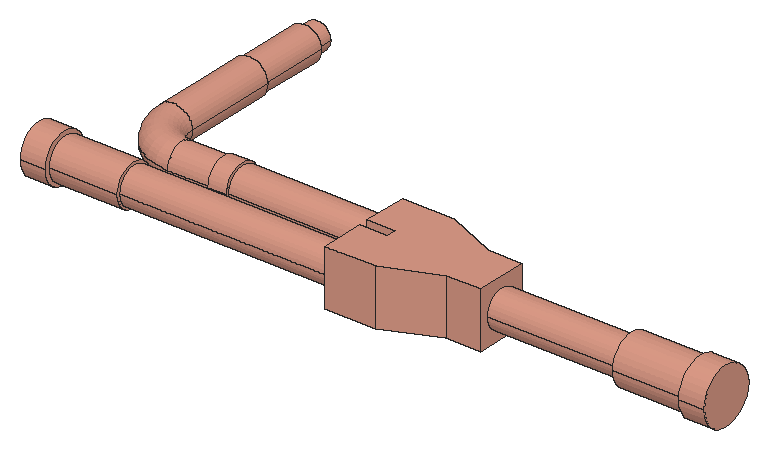
Revit family "outputfile", category 配管付属品, Revit 2024
Family settings
  丸型コネクタ寸法 = 半径を使用
  パーツ タイプ = 標準
  OmniClass 番号 = 23.65.55.00
  OmniClass タイトル = Distribution of Supplied Liquids/Gases
  作業面ベース = いいえ
  常に垂直 = はい
  ロード時にボイドで切り取り = いいえ
  共有 = いいえ
Parameters (values of type "BHFP22MA84_(1)")
  Description = ""
  製造元 = "Daikin"
  書き出し IFC クラス(タイプ) = "IfcPipeFittingType"
  Default Elevation = 0.0 mm
  定義済み IFC タイプ(タイプ) = "JUNCTION"
  Cost = 0
  モデル = "BHFP22MA84_(1)"
  Type Comments = ""
  Keynote = ""
  Type Image = (empty or 0)
  Assembly Code = ""
  table_PipeToCU_B [instance] = if(mm⇔inch, "Multi Module Kit_BHFP22MA-_Liquid_PipeToCU_B", "Multi Module Kit_BHFP22MA-_Liquid_PipeToCU_B_inch")  # "Multi Module Kit_BHFP22MA-_Liquid_PipeToCU_B"
  table_PipeToCU_A [instance] = if(mm⇔inch, "Multi Module Kit_BHFP22MA-_Liquid_PipeToCU_A", "Multi Module Kit_BHFP22MA-_Liquid_PipeToCU_A_inch")  # "Multi Module Kit_BHFP22MA-_Liquid_PipeToCU_A"
  table_ToMainPipe [instance] = if(mm⇔inch, "Multi Module Kit_BHFP22MA-_Liquid_ToMainPipe", "Multi Module Kit_BHFP22MA-_Liquid_ToMainPipe_inch")  # "Multi Module Kit_BHFP22MA-_Liquid_ToMainPipe"
  switch_ToMainPipe3 [instance] = if(number_ToMainPipe < 3, 1 = 0, 1 = 1)  # no
  switch_PipeToCU_B Reducer [instance] = if(and(Is_PipeToCU_B Reducer = 1, judge_IsOffsetPipe_ToOutdoorUnitB = 0), 1 = 1, 1 = 0)  # no
  switch_PipeToCU_B4 [instance] = if(number_PipeToCU_B < 4, 1 = 0, 1 = 1)  # no
  switch_PipeToCU_B3 [instance] = if(number_PipeToCU_B < 3, 1 = 0, 1 = 1)  # no
  switch_PipeToCU_B2 [instance] = if(number_PipeToCU_B < 2, 1 = 0, 1 = 1)  # yes
  switch_PipeToCU_A Reducer [instance] = if(Is_PipeToCU_A Reducer = 1, 1 = 1, 1 = 0)  # yes
  switch_ToMainPipe Reducer [instance] = if(Is_ToMainPipe Reducer = 1, 1 = 1, 1 = 0)  # no
  switch_ToMainPipe2 [instance] = if(number_ToMainPipe < 2, 1 = 0, 1 = 1)  # yes
  r_PipeToCU_B_ActualDiameter [instance] = PipeToCU_B_Liquid_ActualDiameter / 2  # 9.55 mm
  r_PipeToCU_A_ActualDiameter [instance] = PipeToCU_A_Liquid_ActualDiameter / 2  # 4.75 mm
  r_ToMainPipe_ActualDiameter [instance] = ToMainPipe_Liquid_ActualDiameter / 2  # 11.1 mm
  number_PipeToCU_B ReducerPipe [instance] = size_lookup(table_PipeToCU_B, "reducerPipeNumber", 0, モデル, judge_IsOffsetPipe_ToOutdoorUnitB, PipeToCU_B_Liquid_ActualDiameter)  # 0
  number_PipeToCU_B [instance] = size_lookup(table_PipeToCU_B, "pipeNumber", 2, モデル, judge_IsOffsetPipe_ToOutdoorUnitB, PipeToCU_B_Liquid_ActualDiameter)  # 2
  number_PipeToCU_A ReducerPipe [instance] = size_lookup(table_PipeToCU_A, "reducerPipeNumber", 3, モデル, PipeToCU_A_Liquid_ActualDiameter)  # 3
  number_ToMainPipe [instance] = size_lookup(table_ToMainPipe, "pipeNumber", 3, モデル, ToMainPipe_Liquid_ActualDiameter)  # 2
  mm⇔inch [instance] = yes
  l_ToMainPipe3 [instance] = size_lookup(table_ToMainPipe, "L_Pipe3", 11.0 mm, モデル)  # 2.0 mm
  judge_IsOffsetPipe_ToOutdoorUnitB [instance] = 0  # constant formula
  Unit Type = "BHFP22MA-_Liquid"
  Uniclass2015Version = "Products v1.31"
  Uniclass2015Title = "Copper pipe fittings"
  Uniclass2015Code = "Pr_65_52_63_18"
  URL = ""
  ToMainPipe_Liquid_Status [instance] = size_lookup(table_ToMainPipe, "Information", "The connected pipe size is not available.", モデル, ToMainPipe_Liquid_ActualDiameter)  # "Default connector size is used."
  ToMainPipe_Liquid_ActualDiameter [instance] = 22.2 mm
  Tag No. [instance] = ""
  Series = "Multi Module kit"
  PipeToCU_B_Liquid_Status [instance] = size_lookup(table_PipeToCU_B, "Information", "The connected pipe size is not available.", モデル, judge_IsOffsetPipe_ToOutdoorUnitB, PipeToCU_B_Liquid_ActualDiameter)  # "Default connector size is used."
  PipeToCU_B_Liquid_ActualDiameter [instance] = 19.1 mm
  PipeToCU_A_Liquid_Status [instance] = size_lookup(table_PipeToCU_A, "Information", "The connected pipe size is not available.", モデル, PipeToCU_A_Liquid_ActualDiameter)  # "Reducer is used at connector."
  PipeToCU_A_Liquid_ActualDiameter [instance] = 9.5 mm
  O.D_PipeToCU_B Reducer [instance] = size_lookup(table_PipeToCU_B, "O.D_reducer", 2.0 mm, モデル, judge_IsOffsetPipe_ToOutdoorUnitB, PipeToCU_B_Liquid_ActualDiameter)  # 2.0 mm
  Material_Piping = DAIKIN_Copper_Pipe
  Material_Insulation = DAIKIN_White_Insulation
  location_PipeToCU_A connector [instance] = size_lookup(table_PipeToCU_A, "Locationconnector", 107.0 mm, モデル, PipeToCU_A_Liquid_ActualDiameter)  # 107.0 mm
  l_PipeToCU_B connector [instance] = size_lookup(table_PipeToCU_B, "Length", 128.0 mm, モデル, judge_IsOffsetPipe_ToOutdoorUnitB, PipeToCU_B_Liquid_ActualDiameter)  # 132.0 mm
  l_PipeToCU_B Reducer [instance] = 80.0 mm  # constant formula
  l_PipeToCU_B4 [instance] = size_lookup(table_PipeToCU_B, "L_Pipe4", 2.0 mm, モデル)  # 2.0 mm
  l_PipeToCU_B3 [instance] = size_lookup(table_PipeToCU_B, "L_Pipe3", 2.0 mm, モデル)  # 2.0 mm
  l_PipeToCU_B2 [instance] = size_lookup(table_PipeToCU_B, "L_Pipe2", 7.0 mm, モデル)  # 11.0 mm
  l_PipeToCU_B1 [instance] = size_lookup(table_PipeToCU_B, "L_Pipe1", 30.0 mm, モデル)  # 30.0 mm
  l_PipeToCU_B0 [instance] = size_lookup(table_PipeToCU_B, "L_Pipe0", 91.0 mm, モデル)  # 91.0 mm
  l_PipeToCU_A connector [instance] = size_lookup(table_PipeToCU_A, "Length", 97.0 mm, モデル, PipeToCU_A_Liquid_ActualDiameter)  # 97.0 mm
  l_PipeToCU_A1 [instance] = size_lookup(table_PipeToCU_A, "L_Pipe1", 8.0 mm, モデル)  # 8.0 mm
  l_PipeToCU_A0 [instance] = size_lookup(table_PipeToCU_A, "L_Pipe0", 62.0 mm, モデル)  # 62.0 mm
  l_ToMainPipe connector [instance] = size_lookup(table_ToMainPipe, "Length", 128.0 mm, モデル, ToMainPipe_Liquid_ActualDiameter)  # 98.0 mm
  l_ToMainPipe Reducer [instance] = size_lookup(table_ToMainPipe, "L_Reducer", 2.0 mm, モデル, ToMainPipe_Liquid_ActualDiameter)  # 2.0 mm
  l_ToMainPipe2 [instance] = size_lookup(table_ToMainPipe, "L_Pipe2", 30.0 mm, モデル)  # 11.0 mm
  l_ToMainPipe1 [instance] = size_lookup(table_ToMainPipe, "L_Pipe1", 30.0 mm, モデル)  # 30.0 mm
  l_ToMainPipe0 [instance] = size_lookup(table_ToMainPipe, "L_Pipe0", 57.0 mm, モデル)  # 57.0 mm
  judge_JointType(1or2) = 1
  count_PipeToCU_B Reducer [instance] = 0  # constant formula
  count_PipeToCU_A Reducer [instance] = size_lookup(table_PipeToCU_A, "reducerCount", 1, モデル, PipeToCU_A_Liquid_ActualDiameter)  # 1
  angle_PipeToCU_A Pipe [instance] = if([RotateBranchPipetoCU_A_-90°], 270.00°, 0.00°)  # 0.00°
  angle_PipeToCU_A Connector [instance] = angle_PipeToCU_A Pipe + 90.00°  # 90.00°
  PipeToCU_B_Liquid_AvailableDiameter [instance] = size_lookup(table_PipeToCU_B, "sizeVariation", "", モデル, judge_IsOffsetPipe_ToOutdoorUnitB)  # "15.9/19.1mm"
  PipeToCU_A_Liquid_AvailableDiameter [instance] = size_lookup(table_PipeToCU_A, "sizeVariation", "", モデル)  # "9.5/12.7mm"
  ToMainPipe_Liquid_AvailableDiameter [instance] = size_lookup(table_ToMainPipe, "sizeVariation", "", モデル)  # "19.1/22.2mm"
  RotateBranchPipetoCU_A_-90° [instance] = no
  O.D_ToMainPipe Reducer [instance] = size_lookup(table_ToMainPipe, "O.D_reducer", 2.0 mm, モデル, ToMainPipe_Liquid_ActualDiameter)  # 2.0 mm
  Link_Nested Family [instance] = ""
  Is_PipeToCU_B Reducer [instance] = size_lookup(table_PipeToCU_B, "IsReducer", 0, モデル, judge_IsOffsetPipe_ToOutdoorUnitB, PipeToCU_B_Liquid_ActualDiameter)  # 0
  Is_PipeToCU_A Reducer [instance] = size_lookup(table_PipeToCU_A, "IsReducer", 1, モデル, PipeToCU_A_Liquid_ActualDiameter)  # 1
  Is_ToMainPipe Reducer [instance] = size_lookup(table_ToMainPipe, "IsReducer", 0, モデル, ToMainPipe_Liquid_ActualDiameter)  # 0
  IfcVersion = ""
  IfcExportType = "JUNCTION"
  IfcExportAs = "IfcPipeFittingType"
  I.D_ToMainPipe3 [instance] = size_lookup(table_ToMainPipe, "I.D_PipeSize3", 22.2 mm, モデル)  # 2.0 mm
  I.D_PipeToCU_B Reducer [instance] = size_lookup(table_PipeToCU_B, "I.D_reducer", 2.0 mm, モデル, judge_IsOffsetPipe_ToOutdoorUnitB, PipeToCU_B_Liquid_ActualDiameter)  # 2.0 mm
  Attach_Insulation [instance] = no
  I.D_PipeToCU_B4 [instance] = size_lookup(table_PipeToCU_B, "I.D_PipeSize4", 2.0 mm, モデル)  # 2.0 mm
  I.D_PipeToCU_B3 [instance] = size_lookup(table_PipeToCU_B, "I.D_PipeSize3", 2.0 mm, モデル)  # 2.0 mm
  I.D_PipeToCU_B2 [instance] = size_lookup(table_PipeToCU_B, "I.D_PipeSize2", 9.5 mm, モデル)  # 19.1 mm
  I.D_PipeToCU_B1 [instance] = size_lookup(table_PipeToCU_B, "I.D_PipeSize1", 12.7 mm, モデル)  # 15.9 mm
  I.D_PipeToCU_B0 [instance] = size_lookup(table_PipeToCU_B, "I.D_PipeSize0", 13.9 mm, モデル)  # 13.9 mm
  I.D_PipeToCU_A1 [instance] = 15.5 mm  # constant formula
  I.D_PipeToCU_A0 [instance] = 13.9 mm  # constant formula
  I.D_ToMainPipe Reducer [instance] = size_lookup(table_ToMainPipe, "I.D_reducer", 2.0 mm, モデル, ToMainPipe_Liquid_ActualDiameter)  # 2.0 mm
  I.D_ToMainPipe2 [instance] = size_lookup(table_ToMainPipe, "I.D_PipeSize2", 19.1 mm, モデル)  # 22.2 mm
  I.D_ToMainPipe1 [instance] = size_lookup(table_ToMainPipe, "I.D_PipeSize1", 15.9 mm, モデル)  # 19.1 mm
  I.D_ToMainPipe0 [instance] = size_lookup(table_ToMainPipe, "I.D_PipeSize0", 13.9 mm, モデル)  # 13.9 mm
Reference planes
  plane 1 "Center (Front/Back)": y = 0
  plane 2: z = 0
  plane 3 "pipe2": x = 225.65
  plane 4: x = 214.65
  plane 5: x = 184.65
  plane 6: x = 127.65
  plane 7: x = 67.65
  plane 8: x = -2.35
  plane 9: x = -23.35
  plane 10: x = -53.35
  plane 11: x = -64.35
  plane 12: x = -66.35
  plane 13: x = -68.35
  plane 14 "offset_center": y = 11.5
  plane 15: y = -11.5
  plane 16: x = 5.65
  plane 17: x = 177.65
  plane 18 "ToMainPipe_connector": x = 225.65
  plane 19 "connector_OutdoorunitA": x = -39.35
  plane 20 "connector_ToOutdoorUnitB": x = -104.35
  plane 21 "pipe3": x = 227.65
  plane 22 "connector_PipeToCU_B": x = -64.35
Forms (mm)
  Extrusion 1, solid, material "DAIKIN_Copper_Pipe" <- "Material_Piping"
    sketch origin (0, 0, 0) x (1, 0, 0) y (0, 1, 0)
      loop
        line (67.65, 1.998) -> (79.65, 1.998) -> (79.65, -1.998) -> (67.65, -1.998) -> (67.65, -21.2) -> (89.801, -21.2) -> (112.65, -11.3) -> (127.65, -11.3) -> (127.65, 11.3) -> (112.65, 11.3) -> (89.801, 21.2) -> (67.65, 21.2) -> (67.65, 1.998)
    from -12.2 to 12.2
Dimensions and locks
  locked: plane 6 to plane 17 at 50
  "l_PipeToCU_A1": plane 8 to plane 16
  "l_PipeToCU_B1": plane 10 to plane 9
  "l_PipeToCU_B2": plane 11 to plane 10
  "l_PipeToCU_B3": plane 12 to plane 11
  "l_PipeToCU_B4": plane 13 to plane 12
  locked: plane 7 to plane 6 at 60
  "l_ToMainPipe1": plane 5 to plane 4
  "l_ToMainPipe2": plane 4 to plane 3 "pipe2"
  "l_ToMainPipe0": plane 6 to plane 5
  "l_ToMainPipe connector": plane 6 to plane 18 "ToMainPipe_connector"
  plane 14 "offset_center" to plane 1 "Center (Front/Back)" to plane 15 = 11.5 mm locked, 11.5 mm locked
  locked: plane 1 "Center (Front/Back)" to Extrusion 1 sketch curve at 11.3  (x2)
  locked: Extrusion 1 sketch curve to plane 1 "Center (Front/Back)" at 21.2
  locked: plane 1 "Center (Front/Back)" to Extrusion 1 sketch curve at 21.2
  "l_PipeToCU_A0": plane 16 to plane 7
  "location_PipeToCU_A connector": plane 19 "connector_OutdoorunitA" to plane 7
  "l_PipeToCU_B0": plane 9 to plane 7
  "l_ToMainPipe3": plane 3 "pipe2" to plane 21 "pipe3"
  "l_PipeToCU_B connector": plane 22 "connector_PipeToCU_B" to plane 7
  aligned and locked: level to plane 2
  aligned and locked: plane 2 to nested 1
  aligned and locked: plane 1 "Center (Front/Back)" to nested 1
  aligned and locked: plane 3 "pipe2" to nested 1
  aligned and locked: plane 4 to nested 1
  aligned and locked: plane 4 to nested 2
  aligned and locked: plane 5 to nested 2
  aligned and locked: plane 5 to nested 3
  aligned and locked: plane 6 to nested 3
  aligned and locked: plane 6 to Extrusion 1
  aligned and locked: Extrusion 1 to plane 7  (x2)
  aligned and locked: plane 7 to nested 4
  aligned and locked: plane 8 to nested 5
  aligned and locked: plane 16 to nested 5
  aligned and locked: nested 5 to plane 14 "offset_center"
  aligned and locked: nested 6 to plane 15
  aligned and locked: plane 7 to nested 6
  aligned and locked: plane 9 to nested 6
  aligned and locked: plane 10 to nested 7
  aligned and locked: plane 9 to nested 7
  aligned and locked: plane 11 to nested 8
  aligned and locked: plane 10 to nested 8
  aligned and locked: plane 12 to nested 9
  aligned and locked: plane 11 to nested 9
  aligned and locked: plane 13 to nested 10
  aligned and locked: plane 12 to nested 10
  aligned and locked: nested 10 to plane 15
  aligned and locked: nested 9 to plane 15
  aligned and locked: nested 8 to plane 15
  aligned and locked: nested 7 to plane 15
  aligned and locked: plane 1 "Center (Front/Back)" to nested 11
  aligned and locked: plane 17 to nested 11
  aligned and locked: plane 16 to nested 4
  aligned and locked: nested 12 to plane 14 "offset_center"
  aligned and locked: plane 8 to nested 12
  aligned and locked: plane 1 "Center (Front/Back)" to nested 13
  aligned and locked: plane 18 "ToMainPipe_connector" to nested 13
  aligned and locked: plane 6 to nested 14
  aligned and locked: plane 1 "Center (Front/Back)" to nested 3
  aligned and locked: plane 14 "offset_center" to nested 15
  aligned and locked: nested 15 to plane 19 "connector_OutdoorunitA"
  aligned and locked: nested 16 to plane 7
  aligned and locked: nested 4 to plane 14 "offset_center"
  aligned and locked: plane 3 "pipe2" to nested 17
  aligned and locked: plane 21 "pipe3" to nested 17
  aligned and locked: nested 16 to plane 15
  aligned and locked: nested 18 to plane 22 "connector_PipeToCU_B"
  aligned and locked: plane 15 to nested 18
Automatic sketch dimensions
  Extrusion 1 sketch curve to plane 7 = 0.0 mm  (x2)
  Extrusion 1 sketch curve to plane 6 = 0.0 mm
  Extrusion 1 sketch curve to plane 1 "Center (Front/Back)" = 1.998 mm
  plane 7 to Extrusion 1 sketch curve = 12.0 mm
  Extrusion 1 sketch curve to Extrusion 1 sketch curve = 10.151 mm  (x2)
  Extrusion 1 sketch curve to Extrusion 1 sketch curve = 15.0 mm  (x2)
  plane 1 "Center (Front/Back)" to Extrusion 1 sketch curve = 1.998 mm
Nested families
  nested 1: "daikin_Pipe" at (220.15, 0, 0), I.D_Pipe <- "I.D_ToMainPipe2", display <- "switch_ToMainPipe2", type "*"
    with length_Pipe 11.0 mm, display yes, O.D_Pipe 24.2 mm, I.D_Pipe 22.2 mm
  nested 2: "daikin_Pipe" at (199.65, 0, 0), I.D_Pipe <- "I.D_ToMainPipe1", type "*"
    with length_Pipe 30.0 mm, display yes, O.D_Pipe 21.1 mm, I.D_Pipe 19.1 mm
  nested 3: "daikin_Pipe" at (156.15, 0, 0), I.D_Pipe <- "I.D_ToMainPipe0", type "*"
    with length_Pipe 57.0 mm, display yes, O.D_Pipe 15.9 mm, I.D_Pipe 13.9 mm
  nested 4: "daikin_Pipe" at (36.65, 11.5, 0), I.D_Pipe <- "I.D_PipeToCU_A0", type "*"
    with length_Pipe 62.0 mm, display yes, O.D_Pipe 15.9 mm, I.D_Pipe 13.9 mm
  nested 5: "daikin_Pipe" at (1.65, 11.5, 0), I.D_Pipe <- "I.D_PipeToCU_A1", type "*"
    with length_Pipe 8.0 mm, display yes, O.D_Pipe 17.5 mm, I.D_Pipe 15.5 mm
  nested 6: "daikin_Pipe" at (22.15, -11.5, 0), I.D_Pipe <- "I.D_PipeToCU_B0", type "*"
    with length_Pipe 91.0 mm, display yes, O.D_Pipe 15.9 mm, I.D_Pipe 13.9 mm
  nested 7: "daikin_Pipe" at (-38.35, -11.5, 0), I.D_Pipe <- "I.D_PipeToCU_B1", type "*"
    with length_Pipe 30.0 mm, display yes, O.D_Pipe 17.9 mm, I.D_Pipe 15.9 mm
  nested 8: "daikin_Pipe" at (-58.85, -11.5, 0), I.D_Pipe <- "I.D_PipeToCU_B2", display <- "switch_PipeToCU_B2", type "*"
    with length_Pipe 11.0 mm, display yes, O.D_Pipe 21.1 mm, I.D_Pipe 19.1 mm
  nested 9: "daikin_Pipe" at (-65.35, -11.5, 0), display <- "switch_PipeToCU_B3", I.D_Pipe <- "I.D_PipeToCU_B3", visible <- "switch_PipeToCU_B3", type "*"
    with length_Pipe 2.0 mm, display no, O.D_Pipe 4.0 mm, I.D_Pipe 2.0 mm
  nested 10: "daikin_Pipe" at (-67.35, -11.5, 0), display <- "switch_PipeToCU_B4", I.D_Pipe <- "I.D_PipeToCU_B4", visible <- "switch_PipeToCU_B4", type "*"
    with length_Pipe 2.0 mm, display no, O.D_Pipe 4.0 mm, I.D_Pipe 2.0 mm
  nested 11: "daikin_MultiModeluKit_Insulation" at (177.65, 0, 0), display <- "Attach_Insulation", type "*"
    with h 54.2 mm, display no, I.D_Outlet PipeSize 22.2 mm
  nested 12: "daikin_Multi Module kit_Reducer90_rotate" at (-2.35, 11.5, 0), number_reducerPipe <- "number_PipeToCU_A ReducerPipe", angle_Pipe <- "angle_PipeToCU_A Pipe", I.D_Pipe <- "PipeToCU_A_Liquid_ActualDiameter", count_Reducer <- "count_PipeToCU_A Reducer", type "*"
    with number_reducerPipe 3, display_Pipe2 yes, display_Pipe1 yes, count_Reducer 1, angle_Pipe 0.00°, I.D_Pipe 9.5 mm
  nested 13: "daikin_Pipe_reducer" at (224.65, 0, 0), I.D_Pipe1 <- "I.D_ToMainPipe Reducer", O.D_Pipe2 <- "O.D_ToMainPipe Reducer", length_Pipe <- "l_ToMainPipe Reducer", display <- "switch_ToMainPipe Reducer", type "*"
    with length_Pipe 2.0 mm, display no, O.D_Pipe2 2.0 mm, O.D_Pipe1 4.0 mm, I.D_Pipe2 0.0 mm, I.D_Pipe1 2.0 mm
  nested 14: "daikin_connector_rotate3" at (127.65, 0, 0) x (0, 1, 0) z (0, 0, 1), length <- "l_ToMainPipe connector", type "daikin_connector_rotate3"
    with radius 10.0 mm, length 98.0 mm, angle_vertical 90.00°, angle_horizontal 0.00°
  nested 15: "daikin_connector_rotate3" at (-39.35, 11.5, 0) x (-1, 0, 0) z (0, 0, 1), length <- "l_PipeToCU_A connector", angle_vertical <- "angle_PipeToCU_A Connector", type "daikin_connector_rotate3"
    with radius 10.0 mm, length 97.0 mm, angle_vertical 90.00°, angle_horizontal 0.00°
  nested 16: "daikin_connector_rotate3" at (67.65, -11.5, 0) x (0, -1, 0) z (0, 0, 1), length <- "l_PipeToCU_B connector", type "daikin_connector_rotate3"
    with radius 10.0 mm, length 132.0 mm, angle_vertical 90.00°, angle_horizontal 0.00°
  nested 17: "daikin_Pipe" at (226.65, 0, 0), display <- "switch_ToMainPipe3", I.D_Pipe <- "I.D_ToMainPipe3", type "*"
    with length_Pipe 2.0 mm, display no, O.D_Pipe 4.0 mm, I.D_Pipe 2.0 mm
  nested 18: "daikin_Pipe_reducer" at (-24.35, -11.5, 0) x (-1, 0, 0) z (0, 0, 1), length_Pipe <- "l_PipeToCU_B Reducer", I.D_Pipe1 <- "I.D_PipeToCU_B Reducer", O.D_Pipe2 <- "O.D_PipeToCU_B Reducer", display <- "switch_PipeToCU_B Reducer", type "*"
    with length_Pipe 80.0 mm, display no, O.D_Pipe2 2.0 mm, O.D_Pipe1 4.0 mm, I.D_Pipe2 0.0 mm, I.D_Pipe1 2.0 mm
Connectors
  piping at (225.65, 0, 0), diameter 22.2, driven by "r_ToMainPipe_ActualDiameter"
    settings: on nested 14, index 1, connector inside diameter 609.6 mm, connector length 0.0 mm, flow factor 0, pipe flow 0.00 m³/h, pressure drop 0.0 Pa, fitting loss kfactor 0, connector angle 0.00°, fixture units 0, engagement length 0.0 mm, angle of deflection 0.00°, flow configuration 0, flow direction 2, fitting loss method 0, system type 29, joint type 0, gender type 0, connector reference index -1, connector utility 0, adjustable connector no, is connector primary yes, connector description "Multi Module kit_to Main Pipe_Liquid"
  piping at (-39.35, 108.5, 0), diameter 9.5, driven by "r_PipeToCU_A_ActualDiameter"
    settings: on nested 15, index 2, connector inside diameter 609.6 mm, connector length 0.0 mm, flow factor 0, pipe flow 0.00 m³/h, pressure drop 0.0 Pa, fitting loss kfactor 0, connector angle 0.00°, fixture units 0, engagement length 0.0 mm, angle of deflection 0.00°, flow configuration 0, flow direction 1, fitting loss method 0, system type 29, joint type 0, gender type 0, connector reference index -1, connector utility 0, adjustable connector no, is connector primary no, connector description "Multi Module kit_Piping to CU-A_Liquid"
  piping at (-64.35, -11.5, 0), diameter 19.1, driven by "r_PipeToCU_B_ActualDiameter"
    settings: on nested 16, index 3, connector inside diameter 609.6 mm, connector length 0.0 mm, flow factor 0, pipe flow 0.00 m³/h, pressure drop 0.0 Pa, fitting loss kfactor 0, connector angle 0.00°, fixture units 0, engagement length 0.0 mm, angle of deflection 0.00°, flow configuration 0, flow direction 1, fitting loss method 0, system type 29, joint type 0, gender type 0, connector reference index -1, connector utility 0, adjustable connector no, is connector primary no, connector description "Multi Module kit_Piping to CU-B_Liquid"
Definition of nested family "daikin_Pipe"
  Parameters (values of type "*")
    Default Elevation = 0.0 mm
    material = none
    length_Pipe [instance] = 150.0 mm
    display [instance] = yes
    O.D_Pipe [instance] = I.D_Pipe + 2.0 mm  # 27.0 mm
    I.D_Pipe [instance] = 25.0 mm
  Reference planes
    plane 1 "Center (Front/Back)": y = 0
    plane 2 "center(vertical)": z = 0
    plane 3 "Center (Left/Right)": x = 0
    plane 4 "left": x = -75
    plane 5 "right": x = 75
  Forms (mm)
    Extrusion 1, solid, material <- "material", visible <- "display"
      sketch origin (0, 0, 0) x (0, 1, 0) y (0, 0, 1)
        loop
          circle (0, 0) r 13.5
      from -75 to 75
  Dimensions and locks
    equal spacing: plane 4 "left", plane 3 "Center (Left/Right)", plane 5 "right"
    "length_Pipe": plane 4 "left" to plane 5 "right"
    "O.D_Pipe": diameter of Extrusion 1 sketch curve
    aligned and locked: level to plane 2 "center(vertical)"
    aligned and locked: plane 2 "center(vertical)" to Extrusion 1 sketch curve
    aligned and locked: plane 1 "Center (Front/Back)" to Extrusion 1 sketch curve
    aligned and locked: plane 5 "right" to Extrusion 1
    aligned and locked: Extrusion 1 to plane 4 "left"
Definition of nested family "daikin_Multi Module kit_Reducer90_rotate"
  Parameters (values of type "*")
    Default Elevation = 0.0 mm
    number_reducerPipe [instance] = 4
    material_Pipe = none
    display_Pipe2 [instance] = if(number_reducerPipe < 3, 1 = 0, 1 = 1)  # yes
    display_Pipe1 [instance] = if(number_reducerPipe < 2, 1 = 0, 1 = 1)  # yes
    count_Reducer [instance] = 0
    angle_Pipe [instance] = 30.00°
    I.D_Pipe [instance] = 0.0 mm
  Reference planes
    plane 1 "Center (Front/Back)": y = 0
    plane 2: z = 0
    plane 3 "Center (Left/Right)": x = 0
  Dimensions and locks
    "angle_Pipe": angle plane 2 to nested 1
    aligned and locked: level to plane 2
  Nested families
    nested 1: "daikin_Multi Module kit_Reducer90" at (0, 0, 0) x (1, 0, 0) z (0, -0.5, 0.866), display_Pipe2 <- "display_Pipe2", display_Pipe1 <- "display_Pipe1", I.D_connector <- "I.D_Pipe", count_Reducer <- "count_Reducer", type "*"
      with display_Reducer no, display_Pipe2 yes, display_Pipe1 yes, count_Reducer 0, I.D_connector 0.0 mm
  Definition of nested family "daikin_Multi Module kit_Reducer90"
    Parameters (values of type "*")
      Default Elevation = 0.0 mm
      material_Pipe = none
      display_Reducer [instance] = and(I.D_connector = 19.1 mm, count_Reducer = 2)  # no
      display_Pipe2 [instance] = yes
      display_Pipe1 [instance] = yes
      count_Reducer [instance] = 0
      O.D_Pipe2 = 9.5 mm + 2.0 mm  # 11.5 mm
      O.D_Pipe1 = 12.7 mm + 2.0 mm  # 14.7 mm
      O.D_Pipe0 = 15.9 mm  # constant formula
      I.D_connector [instance] = 0.0 mm
    Reference planes
      plane 1 "Center (Front/Back)": y = 0
      plane 2 "center_vertical": z = 0
      plane 3 "Center (Left/Right)": x = 0
      plane 4 "center_toOutdoor": x = -37
      plane 5: y = 60
      plane 6: y = 90
      plane 7: y = 97
    Forms (mm)
      Sweep 1, solid, material <- "material_Pipe"
        path origin (0, 0, 0) x (1, 0, 0) y (0, 1, 0)
          loop
            line (0, 0) -> (-18.241, 0)
            arc (-18.241, 0) -> (-31.506, 5.494) -> (-37, 18.759) r 18.759
            line (-37, 18.759) -> (-37, 60)
        profile origin (-9.12, 0, 0) x (0, -1, 0) y (0, 0, 1)
          loop
            circle (0, 0) r 7.95
      Extrusion 2, solid, material <- "material_Pipe", visible <- "display_Pipe1"
        sketch origin (0, 0, 0) x (1, 0, 0) y (0, 0, 1)
          loop
            circle (-37, 0) r 7.35
        from -90 to -60
      Extrusion 3, solid, material <- "material_Pipe", visible <- "display_Pipe2"
        sketch origin (75, -2.05, 0) x (1, 0, 0) y (0, 0, 1)
          loop
            circle (-112, 0) r 5.75
        from -99.05 to -92.05
    Lines and regions (mm)
      reference lines
        curve 1: line (0, 0, 0) -> (-37, 0, 0)
    Dimensions and locks
      plane 1 "Center (Front/Back)" to plane 5 = 60.0 mm
      plane 6 to plane 5 = 30.0 mm
      plane 7 to plane 6 = 7.0 mm
      plane 4 "center_toOutdoor" to plane 3 "Center (Left/Right)" = 37.0 mm
      "O.D_Pipe2": diameter of Extrusion 3 sketch curve
      "O.D_Pipe0": diameter of Sweep 1 sketch curve
      "O.D_Pipe1": diameter of Extrusion 2 sketch curve
      aligned and locked: level to plane 2 "center_vertical"
      aligned and locked: plane 6 to Extrusion 2
      aligned and locked: Extrusion 2 to plane 5
      aligned and locked: Extrusion 3 to plane 6
      aligned and locked: Sweep 1 sketch curve to plane 1 "Center (Front/Back)"
      aligned and locked: plane 3 "Center (Left/Right)" to curve 1
      aligned and locked: curve 1 to plane 1 "Center (Front/Back)"
      aligned and locked: plane 7 to Extrusion 3
      aligned and locked: plane 6 to nested 1
      aligned and locked: plane 4 "center_toOutdoor" to nested 1
    Automatic sketch dimensions
      Sweep 1 sketch curve to plane 4 "center_toOutdoor" = 0.0 mm
      Sweep 1 sketch curve to plane 3 "Center (Left/Right)" = 0.0 mm
      Sweep 1 sketch curve to plane 5 = 0.0 mm
      Sweep 1 sketch curve to plane 3 "Center (Left/Right)" = 18.241 mm
      curve 1 to plane 4 "center_toOutdoor" = 0.0 mm
      Sweep 1 sketch curve to level = 0.0 mm
      Sweep 1 sketch curve to profile plane = 0.0 mm
      Extrusion 2 sketch curve to level = 0.0 mm
      Extrusion 2 sketch curve to plane 4 "center_toOutdoor" = 0.0 mm
      Extrusion 3 sketch curve to level = 0.0 mm
      Extrusion 3 sketch curve to plane 4 "center_toOutdoor" = 0.0 mm
    Nested families
      nested 1: "daikin_Pipe_reducer" at (-37, 130, 0) x (0, 1, 0) z (0, 0, 1), display <- "display_Reducer", type "*"
        with length_Pipe 80.0 mm, display no, O.D_Pipe2 12.7 mm, O.D_Pipe1 21.1 mm, I.D_Pipe2 10.7 mm, I.D_Pipe1 19.1 mm
    Definition of nested family "daikin_Pipe_reducer"
      Parameters (values of type "*")
        Default Elevation = 0.0 mm
        material = none
        length_Pipe [instance] = 250.0 mm
        display [instance] = yes
        O.D_Pipe2 [instance] = 19.1 mm
        O.D_Pipe1 [instance] = I.D_Pipe1 + 2.0 mm  # 24.2 mm
        I.D_Pipe2 [instance] = O.D_Pipe2 - 2.0 mm  # 17.1 mm
        I.D_Pipe1 [instance] = 22.2 mm
      Reference planes
        plane 1 "Center (Front/Back)": y = 0
        plane 2 "center(vertical)": z = 0
        plane 3 "Center (Left/Right)": x = 0
        plane 4 "connection": x = -125
        plane 5 "right": x = 113
        plane 6: x = 125
      Forms (mm)
        Extrusion 1, solid, material <- "material", visible <- "display"
          sketch origin (0, 0, 0) x (0, 1, 0) y (0, 0, 1)
            loop
              circle (0, 0) r 9.55
          from -125 to 113
        Extrusion 2, solid, material <- "material", visible <- "display"
          sketch origin (0, 0, 0) x (0, 1, 0) y (0, 0, 1)
            loop
              circle (0, 0) r 12.1
          from 113 to 125
      Dimensions and locks
        locked: plane 5 "right" to plane 6 at 12
        "length_Pipe": plane 4 "connection" to plane 6
        equal spacing: plane 4 "connection", plane 3 "Center (Left/Right)", plane 6
        "O.D_Pipe2": diameter of Extrusion 1 sketch curve
        "O.D_Pipe1": diameter of Extrusion 2 sketch curve
        aligned and locked: level to plane 2 "center(vertical)"
        aligned and locked: plane 2 "center(vertical)" to Extrusion 1 sketch curve
        aligned and locked: plane 1 "Center (Front/Back)" to Extrusion 1 sketch curve
        aligned and locked: plane 5 "right" to Extrusion 1
        aligned and locked: Extrusion 1 to plane 4 "connection"
        aligned and locked: plane 2 "center(vertical)" to Extrusion 2 sketch curve
        aligned and locked: plane 1 "Center (Front/Back)" to Extrusion 2 sketch curve
        aligned and locked: Extrusion 2 to plane 5 "right"
        aligned and locked: plane 6 to Extrusion 2
Definition of nested family "daikin_MultiModeluKit_Insulation"
  Parameters (values of type "*")
    Default Elevation = 0.0 mm
    Model = ""
    material = none
    h [instance] = (I.D_Outlet PipeSize + 2.0 mm) + 30.0 mm  # 47.0 mm
    display [instance] = yes
    I.D_Outlet PipeSize [instance] = 15.0 mm
  Reference planes
    plane 1 "Center (Front/Back)": y = 0
    plane 2: z = 0
    plane 3 "Left": x = 0
    plane 4 "top": z = 23.5
    plane 5 "bottom": z = -23.5
  Forms (mm)
    Extrusion 1, solid, material <- "material", visible <- "display"
      sketch origin (0, 0, 0) x (1, 0, 0) y (0, 1, 0)
        loop
          line (0, -22.3) -> (0, 22.3) -> (-101, 45.79) -> (-187, 45.79) -> (-187, 6.128) -> (-257, 10) -> (-257, -45.79) -> (-101, -45.79) -> (0, -22.3)
      from -23.5 to 23.5
  Dimensions and locks
    equal spacing: plane 4 "top", plane 2, plane 5 "bottom"
    "h": plane 4 "top" to plane 5 "bottom"
    equal spacing: Extrusion 1 sketch curve, plane 1 "Center (Front/Back)", Extrusion 1 sketch curve
    locked: Extrusion 1 sketch curve to plane 3 "Left" at 101  (x2)
    locked: Extrusion 1 sketch curve to plane 3 "Left" at 187
    locked: Extrusion 1 sketch curve to plane 3 "Left" at 257
    aligned and locked: level to plane 2
    aligned and locked: plane 3 "Left" to Extrusion 1
    aligned and locked: Extrusion 1 to plane 5 "bottom"
    aligned and locked: plane 4 "top" to Extrusion 1
  Automatic sketch dimensions
    Extrusion 1 sketch curve to plane 3 "Left" = 0.0 mm
    plane 1 "Center (Front/Back)" to Extrusion 1 sketch curve = 45.79 mm
    plane 1 "Center (Front/Back)" to Extrusion 1 sketch curve = 22.3 mm
    Extrusion 1 sketch curve to plane 1 "Center (Front/Back)" = 45.79 mm
    Extrusion 1 sketch curve to plane 1 "Center (Front/Back)" = 10.0 mm
    Extrusion 1 sketch curve to plane 1 "Center (Front/Back)" = 6.128 mm
Definition of nested family "daikin_Pipe_reducer"
  Parameters (values of type "*")
    Default Elevation = 0.0 mm
    material = none
    length_Pipe [instance] = 250.0 mm
    display [instance] = yes
    O.D_Pipe2 [instance] = 19.1 mm
    O.D_Pipe1 [instance] = I.D_Pipe1 + 2.0 mm  # 24.2 mm
    I.D_Pipe2 [instance] = O.D_Pipe2 - 2.0 mm  # 17.1 mm
    I.D_Pipe1 [instance] = 22.2 mm
  Reference planes
    plane 1 "Center (Front/Back)": y = 0
    plane 2 "center(vertical)": z = 0
    plane 3 "Center (Left/Right)": x = 0
    plane 4 "connection": x = -125
    plane 5 "right": x = 113
    plane 6: x = 125
  Forms (mm)
    Extrusion 1, solid, material <- "material", visible <- "display"
      sketch origin (0, 0, 0) x (0, 1, 0) y (0, 0, 1)
        loop
          circle (0, 0) r 9.55
      from -125 to 113
    Extrusion 2, solid, material <- "material", visible <- "display"
      sketch origin (0, 0, 0) x (0, 1, 0) y (0, 0, 1)
        loop
          circle (0, 0) r 12.1
      from 113 to 125
  Dimensions and locks
    locked: plane 5 "right" to plane 6 at 12
    "length_Pipe": plane 4 "connection" to plane 6
    equal spacing: plane 4 "connection", plane 3 "Center (Left/Right)", plane 6
    "O.D_Pipe2": diameter of Extrusion 1 sketch curve
    "O.D_Pipe1": diameter of Extrusion 2 sketch curve
    aligned and locked: level to plane 2 "center(vertical)"
    aligned and locked: plane 2 "center(vertical)" to Extrusion 1 sketch curve
    aligned and locked: plane 1 "Center (Front/Back)" to Extrusion 1 sketch curve
    aligned and locked: plane 5 "right" to Extrusion 1
    aligned and locked: Extrusion 1 to plane 4 "connection"
    aligned and locked: plane 2 "center(vertical)" to Extrusion 2 sketch curve
    aligned and locked: plane 1 "Center (Front/Back)" to Extrusion 2 sketch curve
    aligned and locked: Extrusion 2 to plane 5 "right"
    aligned and locked: plane 6 to Extrusion 2
Definition of nested family "daikin_connector_rotate3"
  Parameters (values of type "daikin_connector_rotate3")
    Default Elevation = 1219.2 mm
    show_face = no
    show_circle = no
    radius [instance] = 10.0 mm
    length [instance] = 600.0 mm
    angle_horizontal [instance] = 60.00°
    angle_vertical [instance] = 90.00°
  Reference planes
    plane 1 "Center (Front/Back)": y = 0
    plane 2: z = 0
    plane 3 "Center (Left/Right)": x = 0
  Dimensions and locks
    "angle_horizontal": angle plane 3 "Center (Left/Right)" to nested 1
    aligned and locked: level to plane 2
    aligned and locked: plane 1 "Center (Front/Back)" to nested 1  (x2)
    aligned and locked: plane 3 "Center (Left/Right)" to nested 1
  Nested families
    nested 1: "daikin_connector_rotate2" at (0, 0, 0) x (0.5, 0.866, 0) z (0, 0, 1), angle_vertical <- "angle_vertical", length <- "length", radius <- "radius", type "daikin_connector_rotate2"
      with radius 10.0 mm, length 600.0 mm, angle_vertical 90.00°, Default Elevation 0.0 mm, show_circle no
  Definition of nested family "daikin_connector_rotate2"
    Parameters (values of type "daikin_connector_rotate2")
      Default Elevation = 1219.2 mm
      show_face = no
      show_circle = yes
      radius [instance] = 10.0 mm
      length [instance] = 600.0 mm
      d_surface = 10.0 mm
      angle_vertical [instance] = 90.00°
    Reference planes
      plane 1 "Center (Front/Back)": y = 0
      plane 2: z = 0
      plane 3 "Center (Left/Right)": x = 0
    Forms (mm)
      Extrusion 1, solid, visible <- "show_face"
        sketch origin (0, -600, 0) x (1, 0, 0) y (0, 0, 1)
          loop
            circle (0, 0) r 10
        from 0 to -10
    Lines and regions (mm)
      reference lines
        curve 1: line (0, 0, 0) -> (0, -600, 0)
      symbolic lines, visible <- "show_circle"
        curve 2: circle (0, 0, 0) r 5 normal (0, 0, 1)
      model lines, visible <- "show_face"
        curve 3: line (0, 0, 0) -> (0, -600, 0)
    Dimensions and locks
      "length": curve 1 to curve 1
      "length": curve 3 to curve 3
      "d_surface": Extrusion 1 to Extrusion 1
      "radius": radius of Extrusion 1 sketch curve
      "angle_vertical": angle curve 1 to plane 1 "Center (Front/Back)"
      "angle_vertical": angle curve 3 to plane 1 "Center (Front/Back)"
      aligned and locked: level to plane 2
      aligned and locked: plane 1 "Center (Front/Back)" to curve 1
      aligned and locked: plane 2 to curve 1
      aligned and locked: plane 1 "Center (Front/Back)" to curve 2
      aligned and locked: plane 3 "Center (Left/Right)" to curve 2
      aligned and locked: plane 1 "Center (Front/Back)" to curve 3
      aligned and locked: plane 2 to curve 3
      aligned and locked: Extrusion 1 to Extrusion 1
    Automatic sketch dimensions
      Extrusion 1 sketch curve to level = 0.0 mm
      Extrusion 1 sketch curve to plane 3 "Center (Left/Right)" = 0.0 mm
      radius of curve 2 = 5.0 mm
